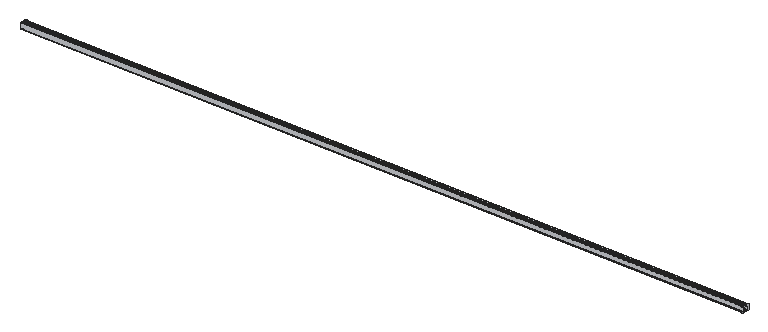
Revit family "Montageschiene 45- 45-2,0  6m fbv Langloch 2D", category HLS-Bauteile, Revit 2023
Family settings
  Bemaßung runder Anschluss = Durchmesser verwenden
  Teiletyp = Normal
  Arbeitsebenenbasiert = Ja
  Immer vertikal = Nein
  Beim Laden mit Abzugskörper schneiden = Nein
  Beschriftungsausrichtung beibehalten = Nein
  Gemeinsam genutzt = Ja
  Raumberechnungspunkt = Nein
Parameters (values of type "C-Profil 45- 45-2,0  L=6000 fbv")
  vpe = "60"
  Widerstandsmoment Wz = "4.73 cm³"
  Widerstandsmoment Wy = "3.45 cm³"
  Default Elevation = 1219.2 mm
  Trägheitsradius iz = "1.89 cm"
  Trägheitsradius iy = "1.62 cm"
  Torsionswiderstandsmoment Wt = " cm³"
  Stärke = 2 mm
  Streckgrenze = "250 N/mm²"
  Schwerpunktabstand ez = "2.25 cm"
  Schwerpunktabstand eu = "2.26 cm"
  Schwerpunktabstand eo = "2.24 cm"
  Schlitzbreite = "22 mm"
  Regelhalter [instance] = ""
  Profiltyp = "45/45"
  Profil = "C-Profil"
  Oberflaeche = "feuerbandverzinkt"
  Montagelänge [instance] = 6000 mm
  Mengeneinheit = "m"
  Materialname = "S250"
  Material = "Stahl"
  Länge = 6000 mm
  Lochdurchmesser = "14.00 mm"
  Langloch = "14.0 x 45.0 mm"
  Kurztext2 = "45 / 45 / 2 mm L= 6 m fbv"
  Kurztext1 = "Montageschiene C-Profil"
  Höhe = "45 mm"
  Gewicht pro Stück [instance] = (Gewicht * Montagelänge / (1000 mm * 1000 mm)) * 1000 mm  # 14.70 kg
  Gewicht pro Bauteil [instance] = Gewicht pro Stück  # 14.70 kg
  Gewicht = 2.45 kg
  Gesamtlänge [instance] = Montagelänge  # 6000 mm
  Gesamtgewicht [instance] = Gewicht pro Bauteil  # 14.70 kg
  Fläche (schwächster Profilquerschnitt) = 0.000298 m²
  Firma = "MEFA Befestigungs- und Montagesysteme GmbH"
  Fabrikat = "MEFA"
  Erweiterung Langloch = " mm"
  EAN = "4250928448088"
  Bund = "360 m"
  Breite = 45 mm
  Artikelnummer = "082045620"
  Anzahl Langloch [instance] = Montagelänge / 105 mm  # 57
  Abmessung = "45/45/2.0 mm"
Reference planes
  plane 1 "Mitte (Vorne/hinten)": y = 0
  plane 2: z = 0
  plane 3 "Mitte (Links/rechts)": x = 0
  plane 4: x = 6000
Forms (mm)
  Extrusion 1, solid, detail levels fine
    sketch origin (0, 0, 0) x (0, 1, 0) y (0, 0, 1)
      loop
        arc (19.5, 0) -> (21.621, 0.879) -> (22.5, 3) r 3
        line (22.5, 3) -> (22.5, 42)
        arc (22.5, 42) -> (21.621, 44.121) -> (19.5, 45) r 3
        line (19.5, 45) -> (12, 45)
        arc (12, 45) -> (11.293, 44.707) -> (11, 44) r 1
        line (11, 44) -> (11, 37.5) -> (13, 37.5) -> (13, 43) -> (19.5, 43)
        arc (19.5, 43) -> (20.207, 42.707) -> (20.5, 42) r 1
        line (20.5, 42) -> (20.5, 3)
        arc (20.5, 3) -> (20.207, 2.293) -> (19.5, 2) r 1
        line (19.5, 2) -> (-19.5, 2)
        arc (-19.5, 2) -> (-20.207, 2.293) -> (-20.5, 3) r 1
        line (-20.5, 3) -> (-20.5, 42)
        arc (-20.5, 42) -> (-20.207, 42.707) -> (-19.5, 43) r 1
        line (-19.5, 43) -> (-13, 43) -> (-13, 37.5) -> (-11, 37.5) -> (-11, 44)
        arc (-11, 44) -> (-11.293, 44.707) -> (-12, 45) r 1
        line (-12, 45) -> (-19.5, 45)
        arc (-19.5, 45) -> (-21.621, 44.121) -> (-22.5, 42) r 3
        line (-22.5, 42) -> (-22.5, 3)
        arc (-22.5, 3) -> (-21.621, 0.879) -> (-19.5, 0) r 3
        line (-19.5, 0) -> (19.5, 0)
    from 0 to 6000
  Extrusion 2, solid, detail levels medium
    sketch origin (0, 0, 0) x (0, 1, 0) y (0, 0, 1)
      loop
        line (22.5, 0) -> (22.5, 45) -> (11, 45) -> (11, 37.5) -> (13, 37.5) -> (13, 43) -> (20.5, 43) -> (20.5, 2) -> (-20.5, 2) -> (-20.5, 43) -> (-13, 43) -> (-13, 37.5) -> (-11, 37.5) -> (-11, 45) -> (-22.5, 45) -> (-22.5, 0) -> (22.5, 0)
    from 0 to 6000
  Extrusion 3, solid, detail levels coarse
    sketch origin (0, 0, 0) x (0, 1, 0) y (0, 0, 1)
      loop
        line (22.5, 0) -> (22.5, 45) -> (-22.5, 45) -> (-22.5, 0) -> (22.5, 0)
    from 0 to 6000
Dimensions and locks
  "Montagelänge": plane 4 to plane 3 "Mitte (Links/rechts)"
  equal spacing: group 1, group 2, group 3, group 4, group 5, group 6, group 7, group 8, group 9, group 10, group 11, group 12, group 13, group 14, group 15, group 16, group 17, group 18, group 19, group 20, group 21, group 22, group 23, group 24, group 25, group 26, group 27, group 28, group 29, group 30, group 31, group 32, group 33, group 34, group 35, group 36, group 37, group 38, group 39, group 40, group 41, group 42, group 43, group 44, group 45, group 46, group 47, group 48, group 49, group 50, group 51, group 52, group 53, group 54, group 55, group 56, group 57  (x3)
  aligned and locked: level to plane 2
  aligned and locked: plane 4 to Extrusion 1
  aligned and locked: Extrusion 1 to plane 4
  aligned and locked: plane 4 to Extrusion 2
  aligned and locked: plane 4 to Extrusion 3
  aligned and locked: Extrusion 3 to plane 3 "Mitte (Links/rechts)"
  aligned and locked: nested 1 to plane 1 "Mitte (Vorne/hinten)"
Automatic sketch dimensions
  Extrusion 1 sketch curve to Extrusion 1 sketch curve = 0 mm  (x9)
  Extrusion 1 sketch curve to level = 0 mm
  level to Extrusion 1 sketch curve = 3 mm  (x2)
  plane 1 "Mitte (Vorne/hinten)" to Extrusion 1 sketch curve = 22.5 mm
  Extrusion 1 sketch curve to Extrusion 1 sketch curve = 2 mm
  Extrusion 1 sketch curve to Extrusion 1 sketch curve = 1 mm  (x6)
  Extrusion 1 sketch curve to Extrusion 1 sketch curve = 6.5 mm
  Extrusion 1 sketch curve to plane 1 "Mitte (Vorne/hinten)" = 11 mm
  Extrusion 1 sketch curve to plane 1 "Mitte (Vorne/hinten)" = 19.5 mm
  Extrusion 1 sketch curve to Extrusion 1 sketch curve = 34.5 mm
  Extrusion 1 sketch curve to Extrusion 1 sketch curve = 4.5 mm  (x2)
  level to Extrusion 2 sketch curve = 0 mm
  plane 1 "Mitte (Vorne/hinten)" to Extrusion 2 sketch curve = 22.5 mm
  Extrusion 2 sketch curve to Extrusion 2 sketch curve = 7.5 mm  (x3)
  Extrusion 2 sketch curve to plane 1 "Mitte (Vorne/hinten)" = 11 mm
  Extrusion 2 sketch curve to Extrusion 2 sketch curve = 0 mm
  Extrusion 2 sketch curve to Extrusion 2 sketch curve = 5.5 mm
  Extrusion 2 sketch curve to Extrusion 2 sketch curve = 2 mm  (x6)
  level to Extrusion 2 sketch curve = 2 mm
  Extrusion 2 sketch curve to Extrusion 2 sketch curve = 35.5 mm
  Extrusion 3 sketch curve to level = 0 mm
  plane 1 "Mitte (Vorne/hinten)" to Extrusion 3 sketch curve = 22.5 mm
  Extrusion 3 sketch curve to plane 1 "Mitte (Vorne/hinten)" = 22.5 mm
  Extrusion 3 sketch curve to Extrusion 3 sketch curve = 45 mm
Nested families
  nested 1: "Langloch 14 x 45 14 2D" at (52.498, 0, 0) x (1, 0, 0) z (0, 0, -1), type "Langloch 14 x 45 14 2D", detail levels fine
  nested 2: "Langloch 14 x 45 14 2D" at (157.498, 0, 0) x (1, 0, 0) z (0, 0, -1), type "Langloch 14 x 45 14 2D", detail levels fine
  nested 3: "Langloch 14 x 45 14 2D" at (262.498, 0, 0) x (1, 0, 0) z (0, 0, -1), type "Langloch 14 x 45 14 2D", detail levels fine
  nested 4: "Langloch 14 x 45 14 2D" at (367.498, 0, 0) x (1, 0, 0) z (0, 0, -1), type "Langloch 14 x 45 14 2D", detail levels fine
  nested 5: "Langloch 14 x 45 14 2D" at (472.498, 0, 0) x (1, 0, 0) z (0, 0, -1), type "Langloch 14 x 45 14 2D", detail levels fine
  nested 6: "Langloch 14 x 45 14 2D" at (577.498, 0, 0) x (1, 0, 0) z (0, 0, -1), type "Langloch 14 x 45 14 2D", detail levels fine
  nested 7: "Langloch 14 x 45 14 2D" at (682.498, 0, 0) x (1, 0, 0) z (0, 0, -1), type "Langloch 14 x 45 14 2D", detail levels fine
  nested 8: "Langloch 14 x 45 14 2D" at (787.498, 0, 0) x (1, 0, 0) z (0, 0, -1), type "Langloch 14 x 45 14 2D", detail levels fine
  nested 9: "Langloch 14 x 45 14 2D" at (892.498, 0, 0) x (1, 0, 0) z (0, 0, -1), type "Langloch 14 x 45 14 2D", detail levels fine
  nested 10: "Langloch 14 x 45 14 2D" at (997.498, 0, 0) x (1, 0, 0) z (0, 0, -1), type "Langloch 14 x 45 14 2D", detail levels fine
  nested 11: "Langloch 14 x 45 14 2D" at (1102.498, 0, 0) x (1, 0, 0) z (0, 0, -1), type "Langloch 14 x 45 14 2D", detail levels fine
  nested 12: "Langloch 14 x 45 14 2D" at (1207.498, 0, 0) x (1, 0, 0) z (0, 0, -1), type "Langloch 14 x 45 14 2D", detail levels fine
  nested 13: "Langloch 14 x 45 14 2D" at (1312.498, 0, 0) x (1, 0, 0) z (0, 0, -1), type "Langloch 14 x 45 14 2D", detail levels fine
  nested 14: "Langloch 14 x 45 14 2D" at (1417.498, 0, 0) x (1, 0, 0) z (0, 0, -1), type "Langloch 14 x 45 14 2D", detail levels fine
  nested 15: "Langloch 14 x 45 14 2D" at (1522.498, 0, 0) x (1, 0, 0) z (0, 0, -1), type "Langloch 14 x 45 14 2D", detail levels fine
  nested 16: "Langloch 14 x 45 14 2D" at (1627.498, 0, 0) x (1, 0, 0) z (0, 0, -1), type "Langloch 14 x 45 14 2D", detail levels fine
  nested 17: "Langloch 14 x 45 14 2D" at (1732.498, 0, 0) x (1, 0, 0) z (0, 0, -1), type "Langloch 14 x 45 14 2D", detail levels fine
  nested 18: "Langloch 14 x 45 14 2D" at (1837.498, 0, 0) x (1, 0, 0) z (0, 0, -1), type "Langloch 14 x 45 14 2D", detail levels fine
  nested 19: "Langloch 14 x 45 14 2D" at (1942.498, 0, 0) x (1, 0, 0) z (0, 0, -1), type "Langloch 14 x 45 14 2D", detail levels fine
  nested 20: "Langloch 14 x 45 14 2D" at (2047.498, 0, 0) x (1, 0, 0) z (0, 0, -1), type "Langloch 14 x 45 14 2D", detail levels fine
  nested 21: "Langloch 14 x 45 14 2D" at (2152.498, 0, 0) x (1, 0, 0) z (0, 0, -1), type "Langloch 14 x 45 14 2D", detail levels fine
  nested 22: "Langloch 14 x 45 14 2D" at (2257.498, 0, 0) x (1, 0, 0) z (0, 0, -1), type "Langloch 14 x 45 14 2D", detail levels fine
  nested 23: "Langloch 14 x 45 14 2D" at (2362.498, 0, 0) x (1, 0, 0) z (0, 0, -1), type "Langloch 14 x 45 14 2D", detail levels fine
  nested 24: "Langloch 14 x 45 14 2D" at (2467.498, 0, 0) x (1, 0, 0) z (0, 0, -1), type "Langloch 14 x 45 14 2D", detail levels fine
  nested 25: "Langloch 14 x 45 14 2D" at (2572.498, 0, 0) x (1, 0, 0) z (0, 0, -1), type "Langloch 14 x 45 14 2D", detail levels fine
  nested 26: "Langloch 14 x 45 14 2D" at (2677.498, 0, 0) x (1, 0, 0) z (0, 0, -1), type "Langloch 14 x 45 14 2D", detail levels fine
  nested 27: "Langloch 14 x 45 14 2D" at (2782.498, 0, 0) x (1, 0, 0) z (0, 0, -1), type "Langloch 14 x 45 14 2D", detail levels fine
  nested 28: "Langloch 14 x 45 14 2D" at (2887.498, 0, 0) x (1, 0, 0) z (0, 0, -1), type "Langloch 14 x 45 14 2D", detail levels fine
  nested 29: "Langloch 14 x 45 14 2D" at (2992.498, 0, 0) x (1, 0, 0) z (0, 0, -1), type "Langloch 14 x 45 14 2D", detail levels fine
  nested 30: "Langloch 14 x 45 14 2D" at (3097.498, 0, 0) x (1, 0, 0) z (0, 0, -1), type "Langloch 14 x 45 14 2D", detail levels fine
  nested 31: "Langloch 14 x 45 14 2D" at (3202.498, 0, 0) x (1, 0, 0) z (0, 0, -1), type "Langloch 14 x 45 14 2D", detail levels fine
  nested 32: "Langloch 14 x 45 14 2D" at (3307.498, 0, 0) x (1, 0, 0) z (0, 0, -1), type "Langloch 14 x 45 14 2D", detail levels fine
  nested 33: "Langloch 14 x 45 14 2D" at (3412.498, 0, 0) x (1, 0, 0) z (0, 0, -1), type "Langloch 14 x 45 14 2D", detail levels fine
  nested 34: "Langloch 14 x 45 14 2D" at (3517.498, 0, 0) x (1, 0, 0) z (0, 0, -1), type "Langloch 14 x 45 14 2D", detail levels fine
  nested 35: "Langloch 14 x 45 14 2D" at (3622.498, 0, 0) x (1, 0, 0) z (0, 0, -1), type "Langloch 14 x 45 14 2D", detail levels fine
  nested 36: "Langloch 14 x 45 14 2D" at (3727.498, 0, 0) x (1, 0, 0) z (0, 0, -1), type "Langloch 14 x 45 14 2D", detail levels fine
  nested 37: "Langloch 14 x 45 14 2D" at (3832.498, 0, 0) x (1, 0, 0) z (0, 0, -1), type "Langloch 14 x 45 14 2D", detail levels fine
  nested 38: "Langloch 14 x 45 14 2D" at (3937.498, 0, 0) x (1, 0, 0) z (0, 0, -1), type "Langloch 14 x 45 14 2D", detail levels fine
  nested 39: "Langloch 14 x 45 14 2D" at (4042.498, 0, 0) x (1, 0, 0) z (0, 0, -1), type "Langloch 14 x 45 14 2D", detail levels fine
  nested 40: "Langloch 14 x 45 14 2D" at (4147.498, 0, 0) x (1, 0, 0) z (0, 0, -1), type "Langloch 14 x 45 14 2D", detail levels fine
  nested 41: "Langloch 14 x 45 14 2D" at (4252.498, 0, 0) x (1, 0, 0) z (0, 0, -1), type "Langloch 14 x 45 14 2D", detail levels fine
  nested 42: "Langloch 14 x 45 14 2D" at (4357.498, 0, 0) x (1, 0, 0) z (0, 0, -1), type "Langloch 14 x 45 14 2D", detail levels fine
  nested 43: "Langloch 14 x 45 14 2D" at (4462.498, 0, 0) x (1, 0, 0) z (0, 0, -1), type "Langloch 14 x 45 14 2D", detail levels fine
  nested 44: "Langloch 14 x 45 14 2D" at (4567.498, 0, 0) x (1, 0, 0) z (0, 0, -1), type "Langloch 14 x 45 14 2D", detail levels fine
  nested 45: "Langloch 14 x 45 14 2D" at (4672.498, 0, 0) x (1, 0, 0) z (0, 0, -1), type "Langloch 14 x 45 14 2D", detail levels fine
  nested 46: "Langloch 14 x 45 14 2D" at (4777.498, 0, 0) x (1, 0, 0) z (0, 0, -1), type "Langloch 14 x 45 14 2D", detail levels fine
  nested 47: "Langloch 14 x 45 14 2D" at (4882.498, 0, 0) x (1, 0, 0) z (0, 0, -1), type "Langloch 14 x 45 14 2D", detail levels fine
  nested 48: "Langloch 14 x 45 14 2D" at (4987.498, 0, 0) x (1, 0, 0) z (0, 0, -1), type "Langloch 14 x 45 14 2D", detail levels fine
  nested 49: "Langloch 14 x 45 14 2D" at (5092.498, 0, 0) x (1, 0, 0) z (0, 0, -1), type "Langloch 14 x 45 14 2D", detail levels fine
  nested 50: "Langloch 14 x 45 14 2D" at (5197.498, 0, 0) x (1, 0, 0) z (0, 0, -1), type "Langloch 14 x 45 14 2D", detail levels fine
  nested 51: "Langloch 14 x 45 14 2D" at (5302.498, 0, 0) x (1, 0, 0) z (0, 0, -1), type "Langloch 14 x 45 14 2D", detail levels fine
  nested 52: "Langloch 14 x 45 14 2D" at (5407.498, 0, 0) x (1, 0, 0) z (0, 0, -1), type "Langloch 14 x 45 14 2D", detail levels fine
  nested 53: "Langloch 14 x 45 14 2D" at (5512.498, 0, 0) x (1, 0, 0) z (0, 0, -1), type "Langloch 14 x 45 14 2D", detail levels fine
  nested 54: "Langloch 14 x 45 14 2D" at (5617.498, 0, 0) x (1, 0, 0) z (0, 0, -1), type "Langloch 14 x 45 14 2D", detail levels fine
  nested 55: "Langloch 14 x 45 14 2D" at (5722.498, 0, 0) x (1, 0, 0) z (0, 0, -1), type "Langloch 14 x 45 14 2D", detail levels fine
  nested 56: "Langloch 14 x 45 14 2D" at (5827.498, 0, 0) x (1, 0, 0) z (0, 0, -1), type "Langloch 14 x 45 14 2D", detail levels fine
  nested 57: "Langloch 14 x 45 14 2D" at (5932.498, 0, 0) x (1, 0, 0) z (0, 0, -1), type "Langloch 14 x 45 14 2D", detail levels fine
Definition of nested family "Langloch 14 x 45 14 2D"
  Parameters (values of type "Langloch 14 x 45 14 2D")
    Default Elevation = 1219.2 mm
  Reference planes
    plane 1 "Mitte (Vorne/hinten)": y = 0
    plane 2: z = 0
    plane 3 "Mitte (Links/rechts)": x = 0
  Forms (mm)
    Extrusion 1, solid
      sketch origin (0, 0, 0) x (1, 0, 0) y (0, 1, 0)
        loop
          line (-1219.2, 1219.2) -> (-1219.2, -1219.2) -> (1219.2, -1219.2) -> (1219.2, 1219.2) -> (-1219.2, 1219.2)
      from 0 to -304.8
  Lines and regions (mm)
    model lines
      curve 1: line (-15.498, 7, 0) -> (15.502, 7, 0)
      curve 2: line (-15.498, -7, 0) -> (15.502, -7, 0)
      curve 3: arc (15.502, 7, 0) -> (22.502, 0, 0) -> (15.502, -7, 0) r 7
      curve 6: arc (-15.498, 7, 0) -> (-22.498, 0, 0) -> (-15.498, -7, 0) r 7
      curve 7: line (-15.692, 7.5, 0) -> (-15.692, -7.5, 0)
      curve 8: line (-24.531, 0, 0) -> (24.555, 0, 0)
      curve 9: line (15.692, 7.5, 0) -> (15.692, -7.5, 0)
      curve 10: circle (52.502, 0, 0) r 7 normal (0, 0, 1)
      curve 11: line (52.502, 7.5, 0) -> (52.502, -7.5, 0)
      curve 13: line (42.937, 0, 0) -> (62.034, 0, 0)
    model lines, detail levels fine
      curve 4: line (-15.692, 0, 10) -> (-15.692, 0, -10)
      curve 5: line (15.692, 0, 10) -> (15.692, 0, -10)
      curve 12: line (52.502, 0, 10) -> (52.502, 0, -10)
  Dimensions and locks
    aligned and locked: plane 2 to Extrusion 1
    aligned and locked: level to Extrusion 1
